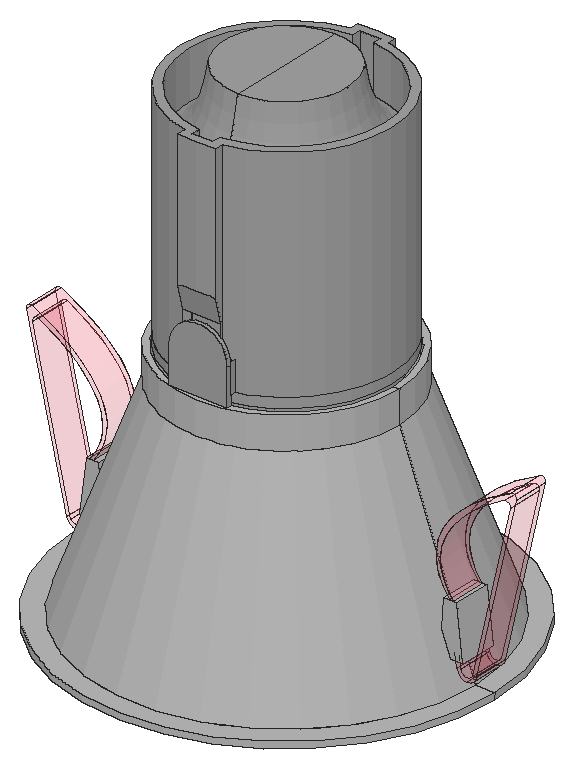
Revit family "LAMP_MOODY G2 800 (DALI) + ROUND FIXED REFLECTOR", category Luminarias, Revit 2015
Parameters (values of type "2700K FLOOD")
  Ángulo de inclinación = 90.00°
  White reflector model = White reflector code  # "MORFRD100FXW"
  White reflector finish = "Matt white"
  White reflector description = "MOODY REF RD FX Ø99 WH."
  White reflector datasheet = "http://www.lamp.es/product-files/TECH/MORFRD100FXW-EN.pdf"
  White reflector [instance] = no
  Wattage = 6.1 W
  UGR = "21"
  Type = "COB PHILIPS"
  White reflector code = "MORFRD100FXW"
  Total weight = 0.25 kg
  Total height = 115 mm
  Silver reflector model = Silver reflector code  # "MORFRD100FXM"
  Silver reflector finish = "Metalized matt silver"
  Silver reflector description = "MOODY REF RD FX Ø99 MET."
  Silver reflector datasheet = "http://www.lamp.es/product-files/TECH/MORFRD100FXM-EN.pdf"
  Silver reflector code = "MORFRD100FXM"
  Silver reflector [instance] = no
  Reflector diameter = 100 mm
  Reflector [instance] = and(not(White reflector), not(Copper reflector), not(Black reflector), not(Silver reflector))  # no
  Recessed diameter = 95 mm
  built-in parameter 1150110 = 1 (stored number, unit not read)
  Protection rating = "IP20"
  Product URL = "https://www.lamp.es/en/family/moody_33323"
  Power Supply = "220-240V 50/60Hz"
  Power = 5 W
  Plum = 6.1 W
  Model explanation = "Availability of switching reflector colour when placed in a project."
  Material Reflector Plata = LAMP_PC Reflector Moody GR
  Material Reflector Negro = LAMP_PC Reflector Moody NG
  Material Reflector Cobre = LAMP_PC Reflector Moody CO
  Material Muelle Emp. = LAMP_Acero genérico
  Material Reflector Blanco = LAMP_PC Reflector Moody BL
  Manufacturer name = "LAMP"
  Manufacturer country = "Spain"
  Manufacturer URL = "http://www.lamp.es/en"
  MacAdam = "3"
  Lámpara = "COB LED"
  Luminaire type = "Indoor - Recessed Downlight"
  Last update = "28/08/2019"
  LED Lifetime = "50.000 L90 B10"
  Insulation class = "II"
  Installation instructions = "https://www.lamp.es/product-files/INS/1004620-A-INSTR.%20MOODY%20G2.pdf"
  IEE = "A++"
  Gear = "Adjustable DALI"
  built-in parameter 1114217 = 1 (stored number, unit not read)
  built-in parameter 1150109 = 1 (stored number, unit not read)
  Fabricante = Manufacturer name  # "LAMP"
  Efficacy = 71.3 lm/W
  Descripción = "MOODY G2 800 VWW FL DALI BK."
  Core product code = "MO208FL927DB"
  Core diameter = 50 mm
  Core datasheet = "http://www.lamp.es/product-files/TECH/MO208FL927DB-EN.pdf"
  Core model = Core product code  # "MO208FL927DB"
  Copper reflector model = Copper reflector code  # "MORFRD100FXC"
  Copper reflector finish = "Metalized matt copper"
  Copper reflector description = "MOODY REF RD FX Ø99 CO."
  Copper reflector datasheet = "http://www.lamp.es/product-files/TECH/MORFRD100FXW-EN.pdf"
  Copper reflector code = "MORFRD100FXC"
  Copper reflector [instance] = yes
  Comentarios de tipo = Model explanation  # "Availability of switching reflector colour when placed in a project."
  built-in parameter 1150134 = (empty or 0)
  built-in parameter 1150113 = 1 (stored number, unit not read)
  Lumens = 434.93 lm
  built-in parameter 1150115 = 1 (stored number, unit not read)
  built-in parameter 1150105 = 34.611 (stored number, unit not read)
  built-in parameter 1150137 = (empty or 0)
  built-in parameter 1150139 = (empty or 0)
  built-in parameter 1150112 = 1 (stored number, unit not read)
  built-in parameter 1150114 = 1 (stored number, unit not read)
  built-in parameter 1150132 = 2
  built-in parameter 1150102 = (empty or 0)
  built-in parameter 1150138 = (empty or 0)
  built-in parameter 1150107 = 2700 (stored number, unit not read)
  built-in parameter 1150106 = 0.34611 (stored number, unit not read)
  built-in parameter 1150104 = 6.624 (stored number, unit not read)
  Dimming Lamp Color Temperature Shift = (empty or 0)
  Color Filter = 16777215
  built-in parameter 1114218 = 1 (stored number, unit not read)
  CRI = "90"
  Core description = "MOODY CORE 500 VWW MFL"
  Black reflector model = Black reflector code  # "MORFRD100FXB"
  Black reflector finish = "Matt black"
  Black reflector description = "MOODY REF RD FX Ø99 BK."
  Black reflector datasheet = "http://www.lamp.es/product-files/TECH/MORFRD100FXB-EN.pdf"
  Black reflector code = "MORFRD100FXB"
  Black reflector [instance] = no
  Archivo de red fotométrica = "MO208FL927TB+MORFRD100FXM.IES"
  Altura reflector = 56.5 mm
  built-in parameter 1150133 = 10 (stored number, unit not read)
Types (9, lengths in mm): name | Efficacy | Descripción | Core product code | Core datasheet | Core model | built-in parameter 1150107 | CRI
  2700K FLOOD | 71.3 lm/W | "MOODY G2 800 VWW FL DALI BK." | "MO208FL927DB" | "http://www.lamp.es/product-files/TECH/MO208FL927DB-EN.pdf" | "MO208FL927DB" | 2700 (stored number, unit not read) | "90"
  2700K SPOT | 71.3 lm/W | "MOODY G2 800 VWW SP DALI BK." | "MO208SP927DB" | "http://www.lamp.es/product-files/TECH/MO208SP927DB-EN.pdf" | "MO208SP927DB" | 2700 (stored number, unit not read) | "90"
  2700K WIDE FLOOD | 71.3 lm/W | "MOODY G2 800 VWW WFL DALI BK." | "MO208WF927DB" | "http://www.lamp.es/product-files/TECH/MO208WF927DB-EN.pdf" | "MO208WF927DB" | 2700 (stored number, unit not read) | "90"
  3000K FLOOD | 87.4 lm/W | "MOODY G2 800 WW FL DALI BK." | "MO208FL830DB" | "http://www.lamp.es/product-files/TECH/MO208FL830DB-EN.pdf" | "MO208FL830DB" | 3000 (stored number, unit not read) | "80"
  3000K SPOT | 87.4 lm/W | "MOODY G2 800 WW SP DALI BK." | "MO208SP830DB" | "http://www.lamp.es/product-files/TECH/MO208SP830DB-EN.pdf" | "MO208SP830DB" | 3000 (stored number, unit not read) | "80"
  3000K WIDE FLOOD | 87.4 lm/W | "MOODY G2 800 WW WFL DALI BK." | "MO208WF830DB" | "http://www.lamp.es/product-files/TECH/MO208WF830DB-EN.pdf" | "MO208WF830DB" | 3000 (stored number, unit not read) | "80"
  4000K FLOOD | 92.6 lm/W | "MOODY G2 800 NW FL DALI BK." | "MO208FL840DB" | "http://www.lamp.es/product-files/TECH/MO208FL840DB-EN.pdf" | "MO208FL840DB" | 4000 (stored number, unit not read) | "80"
  4000K SPOT | 92.6 lm/W | "MOODY G2 800 NW SP DALI BK." | "MO208SP840DB" | "http://www.lamp.es/product-files/TECH/MO208SP840DB-EN.pdf" | "MO208SP840DB" | 4000 (stored number, unit not read) | "80"
  4000K WIDE FLOOD | 92.6 lm/W | "MOODY G2 800 NW WFL DALI BK." | "MO208WF840DB" | "http://www.lamp.es/product-files/TECH/MO208WF840DB-EN.pdf" | "MO208WF840DB" | 4000 (stored number, unit not read) | "80"
Reference planes
  plane 1 "Eje de origen de luz (F/P)": y = 0
  plane 2: z = 0
  plane 3 "Eje de origen de luz (I/D)": x = 0
  plane 4 "Techo": z = 3738.5
  plane 5 "Elevación de origen de luz": z = 3738.5
Forms (mm)
  Revolve 1, solid, material "LAMP_PC Reflector Moody CO" <- "Material Reflector Cobre", visible <- "Copper reflector"
    sketch origin (0, 0, 0) x (1, 0, 0) y (0, 0, 1)
      loop
        line (-49.5, 3737) -> (-43.7, 3737) -> (-25.4, 3786.715) -> (-20.4, 3786.715) -> (-20.4, 3789.672) -> (-25.4, 3789.672) -> (-25.4, 3795) -> (-26.8, 3795) -> (-26.8, 3787.4) -> (-44.8, 3738.5) -> (-49.5, 3738.5) -> (-49.5, 3737)
      axis (0, 3737) -> (0, 3795)
    angle from 0 to 360
  Extrusion 2, solid, material "LAMP_PC Reflector Moody CO" <- "Material Reflector Cobre", visible <- "Copper reflector"
    sketch origin (0, 0, 0) x (1, 0, 0) y (0, 0, 1)
      loop
        line (-42.407, 3745) -> (-40.284, 3750.769) -> (-40.873, 3757.5) -> (-43.873, 3757.5) -> (-45.407, 3745) -> (-42.407, 3745)
    from 4.4 to -4.4
  Extrusion 3, solid, material "LAMP_PC Reflector Moody CO" <- "Material Reflector Cobre", visible <- "Copper reflector"
    sketch origin (0, 0, 0) x (-1, 0, 0) y (0, 0, -1)
      loop
        line (-42.407, -3745) -> (-45.407, -3745) -> (-43.873, -3757.5) -> (-40.873, -3757.5) -> (-40.284, -3750.769) -> (-42.407, -3745)
    from 4.4 to -4.4
  Extrusion 4, solid, material "LAMP_Acero genérico" <- "Material Muelle Emp."
    sketch origin (0, 0, 0) x (1, 0, 0) y (0, 0, 1)
      loop
        line (-43.449, 3746.955) -> (-44.442, 3747.077) -> (-44.86, 3743.673)
        arc (-44.86, 3743.673) -> (-46.011, 3742.395) -> (-47.607, 3743.039) r 1.5
        line (-47.607, 3743.039) -> (-56.587, 3781.935)
        arc (-56.587, 3781.935) -> (-56.25, 3782.912) -> (-55.225, 3783.038) r 0.975
        spline (-55.225, 3783.038) -> (-51.331, 3780.738) -> (-48.069, 3778.431) -> (-45.409, 3776.129) -> (-43.316, 3773.842) -> (-41.759, 3771.583) -> (-40.706, 3769.362) -> (-40.125, 3767.192) -> (-39.983, 3765.084) -> (-40.248, 3763.049) -> (-40.888, 3761.099) -> (-41.87, 3759.246) -> (-43.162, 3757.5)
        line (-43.162, 3757.5) -> (-42.155, 3757.5)
        spline (-42.155, 3757.5) -> (-40.805, 3759.492) -> (-39.803, 3761.59) -> (-39.185, 3763.778) -> (-38.986, 3766.043) -> (-39.241, 3768.371) -> (-39.985, 3770.746) -> (-41.254, 3773.156) -> (-43.082, 3775.585) -> (-45.504, 3778.019) -> (-48.557, 3780.445) -> (-52.274, 3782.848) -> (-56.692, 3785.214)
        arc (-56.692, 3785.214) -> (-57.717, 3785.088) -> (-58.053, 3784.112) r 0.975
        line (-58.053, 3784.112) -> (-48.597, 3743.153)
        arc (-48.597, 3743.153) -> (-47.735, 3741.824) -> (-46.22, 3741.36) r 2.317
        arc (-46.22, 3741.36) -> (-44.644, 3742.027) -> (-43.867, 3743.552) r 2.5
        line (-43.867, 3743.552) -> (-43.449, 3746.955)
    from 4.3 to -4.3
  Extrusion 5, solid, material "LAMP_Acero genérico" <- "Material Muelle Emp."
    sketch origin (0, 0, 0) x (-1, 0, 0) y (0, 0, -1)
      loop
        line (-43.449, -3746.955) -> (-43.867, -3743.552)
        arc (-43.867, -3743.552) -> (-44.644, -3742.027) -> (-46.22, -3741.36) r 2.5
        arc (-46.22, -3741.36) -> (-47.735, -3741.824) -> (-48.597, -3743.153) r 2.317
        line (-48.597, -3743.153) -> (-58.053, -3784.112)
        arc (-58.053, -3784.112) -> (-57.717, -3785.088) -> (-56.692, -3785.214) r 0.975
        spline (-56.692, -3785.214) -> (-52.274, -3782.848) -> (-48.557, -3780.445) -> (-45.504, -3778.019) -> (-43.082, -3775.585) -> (-41.254, -3773.156) -> (-39.985, -3770.746) -> (-39.241, -3768.371) -> (-38.986, -3766.043) -> (-39.185, -3763.778) -> (-39.803, -3761.59) -> (-40.805, -3759.492) -> (-42.155, -3757.5)
        line (-42.155, -3757.5) -> (-43.162, -3757.5)
        spline (-43.162, -3757.5) -> (-41.87, -3759.246) -> (-40.888, -3761.099) -> (-40.248, -3763.049) -> (-39.983, -3765.084) -> (-40.125, -3767.192) -> (-40.706, -3769.362) -> (-41.759, -3771.583) -> (-43.316, -3773.842) -> (-45.409, -3776.129) -> (-48.069, -3778.431) -> (-51.331, -3780.738) -> (-55.225, -3783.038)
        arc (-55.225, -3783.038) -> (-56.25, -3782.912) -> (-56.587, -3781.935) r 0.975
        line (-56.587, -3781.935) -> (-47.607, -3743.039)
        arc (-47.607, -3743.039) -> (-46.011, -3742.395) -> (-44.86, -3743.673) r 1.5
        line (-44.86, -3743.673) -> (-44.442, -3747.077) -> (-43.449, -3746.955)
    from 4.3 to -4.3
  Revolve 6, solid, material "LAMP_PC Reflector Moody BL" <- "Material Reflector Blanco", visible <- "White reflector"
    sketch origin (0, 0, 0) x (1, 0, 0) y (0, 0, 1)
      loop
        line (-49.5, 3737) -> (-43.7, 3737) -> (-25.4, 3786.715) -> (-20.4, 3786.715) -> (-20.4, 3789.672) -> (-25.4, 3789.672) -> (-25.4, 3795) -> (-26.8, 3795) -> (-26.8, 3787.4) -> (-44.8, 3738.5) -> (-49.5, 3738.5) -> (-49.5, 3737)
      axis (0, 3737) -> (0, 3795)
    angle from 0 to 360
  Extrusion 7, solid, material "LAMP_PC Reflector Moody BL" <- "Material Reflector Blanco", visible <- "White reflector"
    sketch origin (0, 0, 0) x (1, 0, 0) y (0, 0, 1)
      loop
        line (-42.407, 3745) -> (-40.284, 3750.769) -> (-40.873, 3757.5) -> (-43.873, 3757.5) -> (-45.407, 3745) -> (-42.407, 3745)
    from 4.4 to -4.4
  Extrusion 8, solid, material "LAMP_PC Reflector Moody BL" <- "Material Reflector Blanco", visible <- "White reflector"
    sketch origin (0, 0, 0) x (-1, 0, 0) y (0, 0, -1)
      loop
        line (-42.407, -3745) -> (-45.407, -3745) -> (-43.873, -3757.5) -> (-40.873, -3757.5) -> (-40.284, -3750.769) -> (-42.407, -3745)
    from 4.4 to -4.4
  Revolve 9, solid, material "LAMP_PC Reflector Moody NG" <- "Material Reflector Negro", visible <- "Black reflector"
    sketch origin (0, 0, 0) x (1, 0, 0) y (0, 0, 1)
      loop
        line (-49.5, 3737) -> (-43.7, 3737) -> (-25.4, 3786.715) -> (-20.4, 3786.715) -> (-20.4, 3789.672) -> (-25.4, 3789.672) -> (-25.4, 3795) -> (-26.8, 3795) -> (-26.8, 3787.4) -> (-44.8, 3738.5) -> (-49.5, 3738.5) -> (-49.5, 3737)
      axis (0, 3737) -> (0, 3795)
    angle from 0 to 360
  Extrusion 10, solid, material "LAMP_PC Reflector Moody NG" <- "Material Reflector Negro", visible <- "Black reflector"
    sketch origin (0, 0, 0) x (1, 0, 0) y (0, 0, 1)
      loop
        line (-42.407, 3745) -> (-40.284, 3750.769) -> (-40.873, 3757.5) -> (-43.873, 3757.5) -> (-45.407, 3745) -> (-42.407, 3745)
    from 4.4 to -4.4
  Extrusion 11, solid, material "LAMP_PC Reflector Moody NG" <- "Material Reflector Negro", visible <- "Black reflector"
    sketch origin (0, 0, 0) x (-1, 0, 0) y (0, 0, -1)
      loop
        line (-42.407, -3745) -> (-45.407, -3745) -> (-43.873, -3757.5) -> (-40.873, -3757.5) -> (-40.284, -3750.769) -> (-42.407, -3745)
    from 4.4 to -4.4
  Revolve 12, solid, material "LAMP_PC Reflector Moody GR" <- "Material Reflector Plata", visible <- "Silver reflector"
    sketch origin (0, 0, 0) x (1, 0, 0) y (0, 0, 1)
      loop
        line (-49.5, 3737) -> (-43.7, 3737) -> (-25.4, 3786.715) -> (-20.4, 3786.715) -> (-20.4, 3789.672) -> (-25.4, 3789.672) -> (-25.4, 3795) -> (-26.8, 3795) -> (-26.8, 3787.4) -> (-44.8, 3738.5) -> (-49.5, 3738.5) -> (-49.5, 3737)
      axis (0, 3737) -> (0, 3795)
    angle from 0 to 360
  Extrusion 13, solid, material "LAMP_PC Reflector Moody GR" <- "Material Reflector Plata", visible <- "Silver reflector"
    sketch origin (0, 0, 0) x (1, 0, 0) y (0, 0, 1)
      loop
        line (-42.407, 3745) -> (-40.284, 3750.769) -> (-40.873, 3757.5) -> (-43.873, 3757.5) -> (-45.407, 3745) -> (-42.407, 3745)
    from 4.4 to -4.4
  Extrusion 14, solid, material "LAMP_PC Reflector Moody GR" <- "Material Reflector Plata", visible <- "Silver reflector"
    sketch origin (0, 0, 0) x (-1, 0, 0) y (0, 0, -1)
      loop
        line (-42.407, -3745) -> (-45.407, -3745) -> (-43.873, -3757.5) -> (-40.873, -3757.5) -> (-40.284, -3750.769) -> (-42.407, -3745)
    from 4.4 to -4.4
  Revolve 15, solid, material "LAMP_PC Reflector Moody CO" <- "Material Reflector Cobre", visible <- "Reflector"
    sketch origin (0, 0, 0) x (1, 0, 0) y (0, 0, 1)
      loop
        line (-49.5, 3737) -> (-43.7, 3737) -> (-25.4, 3786.715) -> (-20.4, 3786.715) -> (-20.4, 3789.672) -> (-25.4, 3789.672) -> (-25.4, 3795) -> (-26.8, 3795) -> (-26.8, 3787.4) -> (-44.8, 3738.5) -> (-49.5, 3738.5) -> (-49.5, 3737)
      axis (0, 3737) -> (0, 3795)
    angle from 0 to 360
  Extrusion 16, solid, material "LAMP_PC Reflector Moody CO" <- "Material Reflector Cobre", visible <- "Reflector"
    sketch origin (0, 0, 0) x (1, 0, 0) y (0, 0, 1)
      loop
        line (-42.407, 3745) -> (-40.284, 3750.769) -> (-40.873, 3757.5) -> (-43.873, 3757.5) -> (-45.407, 3745) -> (-42.407, 3745)
    from 4.4 to -4.4
  Extrusion 17, solid, material "LAMP_PC Reflector Moody CO" <- "Material Reflector Cobre", visible <- "Reflector"
    sketch origin (0, 0, 0) x (-1, 0, 0) y (0, 0, -1)
      loop
        line (-42.407, -3745) -> (-45.407, -3745) -> (-43.873, -3757.5) -> (-40.873, -3757.5) -> (-40.284, -3750.769) -> (-42.407, -3745)
    from 4.4 to -4.4
Text (mm)
  text "Any modification of the parameters and properties of the LAMP BIM models must be executed and validated by the LAMP technical department.\n\nPhone: +34 93 736 68 00\n\nE-mail: lamp@lamp.es\n\n\n\nLAMP reserves the right to modify the technical specifications of its products." at (-1237.633, 1699.993, 3254.939), in view "Preview"
Dimensions and locks
  equal spacing: host sketch curve, plane 3 "Eje de origen de luz (I/D)", host sketch curve
  equal spacing: host sketch curve, plane 1 "Eje de origen de luz (F/P)", host sketch curve
  host sketch curve to host sketch curve = 4000 mm  (x2)
  locked: plane 4 "Techo" to host ceiling at 0
  "Altura reflector": plane 4 "Techo" to Revolve 1
  aligned and locked: plane 3 "Eje de origen de luz (I/D)" to imposter light
  aligned and locked: plane 1 "Eje de origen de luz (F/P)" to imposter light
  aligned and locked: plane 5 "Elevación de origen de luz" to imposter light
  aligned and locked: plane 4 "Techo" to plane 5 "Elevación de origen de luz"
Automatic sketch dimensions
  Revolve 1 sketch curve to plane 4 "Techo" = 0 mm
  Revolve 1 sketch curve to plane 3 "Eje de origen de luz (I/D)" = 0 mm
  Revolve 1 sketch curve to plane 3 "Eje de origen de luz (I/D)" = 20.4 mm
  Revolve 1 sketch curve to Revolve 1 sketch curve = 5 mm
  Revolve 1 sketch curve to Revolve 1 sketch curve = 0 mm
  Revolve 1 sketch curve to Revolve 1 sketch curve = 1.4 mm
  plane 4 "Techo" to Revolve 1 sketch curve = 1.5 mm
  Revolve 1 sketch curve to plane 3 "Eje de origen de luz (I/D)" = 43.7 mm
  Revolve 1 sketch curve to Revolve 1 sketch curve = 1.1 mm
  Revolve 1 sketch curve to Revolve 1 sketch curve = 4.7 mm
  Revolve 1 sketch curve to plane 4 "Techo" = 48.215 mm
  Revolve 1 sketch curve to Revolve 1 sketch curve = 0.685 mm
  Revolve 1 sketch curve to Revolve 1 sketch curve = 2.957 mm
  Revolve 1 sketch curve to Revolve 1 sketch curve = 5.328 mm
  Revolve 1 sketch curve to level = 358.228 mm
  Revolve 1 sketch curve to Revolve 1 sketch curve = 305.685 mm
  Extrusion 2 sketch curve to plane 4 "Techo" = 6.5 mm
  Extrusion 2 sketch curve to plane 3 "Eje de origen de luz (I/D)" = 45.407 mm
  Extrusion 2 sketch curve to Extrusion 2 sketch curve = 1.535 mm
  Extrusion 2 sketch curve to Extrusion 2 sketch curve = 3 mm  (x2)
  Extrusion 2 sketch curve to plane 4 "Techo" = 19 mm
  Extrusion 2 sketch curve to plane 4 "Techo" = 12.269 mm
  Extrusion 2 sketch curve to Extrusion 2 sketch curve = 2.124 mm
  plane 4 "Techo" to Extrusion 3 sketch curve = 6.5 mm
  Extrusion 3 sketch curve to plane 3 "Eje de origen de luz (I/D)" = 45.407 mm
  Extrusion 3 sketch curve to Extrusion 3 sketch curve = 1.535 mm
  Extrusion 3 sketch curve to Extrusion 3 sketch curve = 3 mm  (x2)
  plane 4 "Techo" to Extrusion 3 sketch curve = 19 mm
  plane 4 "Techo" to Extrusion 3 sketch curve = 12.269 mm
  Extrusion 3 sketch curve to Extrusion 3 sketch curve = 2.124 mm
  Extrusion 4 sketch curve to Extrusion 4 sketch curve = 0 mm  (x2)
  Extrusion 4 sketch curve to plane 3 "Eje de origen de luz (I/D)" = 58.053 mm
  Extrusion 4 sketch curve to Extrusion 4 sketch curve = 0.95 mm  (x2)
  Extrusion 4 sketch curve to Extrusion 4 sketch curve = 0.412 mm  (x2)
  Extrusion 4 sketch curve to Extrusion 4 sketch curve = 0.517 mm
  Extrusion 4 sketch curve to plane 4 "Techo" = 4.653 mm
  Extrusion 4 sketch curve to Extrusion 4 sketch curve = 7.989 mm
  Extrusion 4 sketch curve to plane 4 "Techo" = 4.539 mm
  Extrusion 4 sketch curve to Extrusion 4 sketch curve = 0.991 mm
  Extrusion 4 sketch curve to Extrusion 4 sketch curve = 1.258 mm
  Extrusion 4 sketch curve to Extrusion 4 sketch curve = 0.009 mm
  Extrusion 4 sketch curve to plane 4 "Techo" = 5.173 mm
  Extrusion 4 sketch curve to Extrusion 4 sketch curve = 1.479 mm
  Extrusion 4 sketch curve to plane 4 "Techo" = 8.577 mm
  Extrusion 4 sketch curve to Extrusion 4 sketch curve = 0.418 mm
  Extrusion 4 sketch curve to plane 4 "Techo" = 5.052 mm
  Extrusion 4 sketch curve to Extrusion 4 sketch curve = 0.993 mm
  Extrusion 4 sketch curve to Extrusion 4 sketch curve = 1.28 mm
  Extrusion 4 sketch curve to Extrusion 4 sketch curve = 1.008 mm
  Extrusion 4 sketch curve to Extrusion 4 sketch curve = 0.182 mm
  Extrusion 4 sketch curve to Extrusion 4 sketch curve = 10.423 mm
  Extrusion 4 sketch curve to Extrusion 4 sketch curve = 24.435 mm
  Extrusion 4 sketch curve to Extrusion 4 sketch curve = 0.219 mm  (x2)
  Extrusion 4 sketch curve to Extrusion 4 sketch curve = 2.176 mm
  Extrusion 5 sketch curve to Extrusion 5 sketch curve = 0 mm  (x2)
  Extrusion 5 sketch curve to plane 3 "Eje de origen de luz (I/D)" = 58.053 mm
  Extrusion 5 sketch curve to Extrusion 5 sketch curve = 0.95 mm  (x2)
  Extrusion 5 sketch curve to Extrusion 5 sketch curve = 0.412 mm  (x2)
  Extrusion 5 sketch curve to Extrusion 5 sketch curve = 0.517 mm
  plane 4 "Techo" to Extrusion 5 sketch curve = 4.653 mm
  Extrusion 5 sketch curve to Extrusion 5 sketch curve = 7.989 mm
  plane 4 "Techo" to Extrusion 5 sketch curve = 4.539 mm
  Extrusion 5 sketch curve to Extrusion 5 sketch curve = 0.991 mm
  Extrusion 5 sketch curve to Extrusion 5 sketch curve = 1.258 mm
  Extrusion 5 sketch curve to Extrusion 5 sketch curve = 0.009 mm
  plane 4 "Techo" to Extrusion 5 sketch curve = 5.173 mm
  Extrusion 5 sketch curve to Extrusion 5 sketch curve = 1.479 mm
  plane 4 "Techo" to Extrusion 5 sketch curve = 8.577 mm
  Extrusion 5 sketch curve to Extrusion 5 sketch curve = 0.418 mm
  plane 4 "Techo" to Extrusion 5 sketch curve = 5.052 mm
  Extrusion 5 sketch curve to Extrusion 5 sketch curve = 0.993 mm
  Extrusion 5 sketch curve to Extrusion 5 sketch curve = 1.28 mm
  Extrusion 5 sketch curve to Extrusion 5 sketch curve = 1.008 mm
  Extrusion 5 sketch curve to Extrusion 5 sketch curve = 0.182 mm
  Extrusion 5 sketch curve to Extrusion 5 sketch curve = 10.423 mm
  Extrusion 5 sketch curve to Extrusion 5 sketch curve = 24.435 mm
  Extrusion 5 sketch curve to Extrusion 5 sketch curve = 0.219 mm  (x2)
  Extrusion 5 sketch curve to Extrusion 5 sketch curve = 2.176 mm
  Revolve 6 sketch curve to plane 4 "Techo" = 0 mm
  Revolve 6 sketch curve to plane 3 "Eje de origen de luz (I/D)" = 49.5 mm
  Revolve 6 sketch curve to Revolve 6 sketch curve = 4.7 mm
  Revolve 6 sketch curve to Revolve 6 sketch curve = 1.1 mm
  Revolve 6 sketch curve to Revolve 6 sketch curve = 18 mm
  Revolve 6 sketch curve to Revolve 6 sketch curve = 1.4 mm  (x2)
  Revolve 6 sketch curve to plane 4 "Techo" = 48.215 mm
  Revolve 6 sketch curve to Revolve 6 sketch curve = 5 mm
  plane 4 "Techo" to Revolve 6 sketch curve = 1.5 mm
  Revolve 6 sketch curve to Revolve 6 sketch curve = 0.685 mm
  Revolve 6 sketch curve to Revolve 6 sketch curve = 2.957 mm
  Revolve 6 sketch curve to Revolve 6 sketch curve = 5.328 mm
  plane 3 "Eje de origen de luz (I/D)" to Revolve 6 sketch curve = 0 mm
  Revolve 6 sketch curve to level = 358.228 mm
  Revolve 6 sketch curve to Revolve 6 sketch curve = 305.685 mm
  Extrusion 7 sketch curve to plane 4 "Techo" = 6.5 mm
  Extrusion 7 sketch curve to plane 3 "Eje de origen de luz (I/D)" = 45.407 mm
  Extrusion 7 sketch curve to Extrusion 7 sketch curve = 1.535 mm
  Extrusion 7 sketch curve to Extrusion 7 sketch curve = 3 mm  (x2)
  Extrusion 7 sketch curve to plane 4 "Techo" = 19 mm
  Extrusion 7 sketch curve to plane 4 "Techo" = 12.269 mm
  Extrusion 7 sketch curve to Extrusion 7 sketch curve = 2.124 mm
  plane 4 "Techo" to Extrusion 8 sketch curve = 6.5 mm
  Extrusion 8 sketch curve to plane 3 "Eje de origen de luz (I/D)" = 45.407 mm
  Extrusion 8 sketch curve to Extrusion 8 sketch curve = 1.535 mm
  Extrusion 8 sketch curve to Extrusion 8 sketch curve = 3 mm  (x2)
  plane 4 "Techo" to Extrusion 8 sketch curve = 19 mm
  plane 4 "Techo" to Extrusion 8 sketch curve = 12.269 mm
  Extrusion 8 sketch curve to Extrusion 8 sketch curve = 2.124 mm
  Revolve 9 sketch curve to plane 4 "Techo" = 0 mm
  Revolve 9 sketch curve to plane 3 "Eje de origen de luz (I/D)" = 49.5 mm
  Revolve 9 sketch curve to Revolve 9 sketch curve = 4.7 mm
  Revolve 9 sketch curve to Revolve 9 sketch curve = 1.1 mm
  Revolve 9 sketch curve to Revolve 9 sketch curve = 18 mm
  Revolve 9 sketch curve to Revolve 9 sketch curve = 1.4 mm  (x2)
  Revolve 9 sketch curve to plane 4 "Techo" = 48.215 mm
  Revolve 9 sketch curve to Revolve 9 sketch curve = 5 mm
  plane 4 "Techo" to Revolve 9 sketch curve = 1.5 mm
  Revolve 9 sketch curve to Revolve 9 sketch curve = 0.685 mm
  Revolve 9 sketch curve to Revolve 9 sketch curve = 2.957 mm
  Revolve 9 sketch curve to Revolve 9 sketch curve = 5.328 mm
  plane 3 "Eje de origen de luz (I/D)" to Revolve 9 sketch curve = 0 mm
  Revolve 9 sketch curve to level = 358.228 mm
  Revolve 9 sketch curve to Revolve 9 sketch curve = 305.685 mm
  Extrusion 10 sketch curve to plane 4 "Techo" = 6.5 mm
  Extrusion 10 sketch curve to plane 3 "Eje de origen de luz (I/D)" = 45.407 mm
  Extrusion 10 sketch curve to Extrusion 10 sketch curve = 1.535 mm
  Extrusion 10 sketch curve to Extrusion 10 sketch curve = 3 mm  (x2)
  Extrusion 10 sketch curve to plane 4 "Techo" = 19 mm
  Extrusion 10 sketch curve to plane 4 "Techo" = 12.269 mm
  Extrusion 10 sketch curve to Extrusion 10 sketch curve = 2.124 mm
  plane 4 "Techo" to Extrusion 11 sketch curve = 6.5 mm
  Extrusion 11 sketch curve to plane 3 "Eje de origen de luz (I/D)" = 45.407 mm
  Extrusion 11 sketch curve to Extrusion 11 sketch curve = 1.535 mm
  Extrusion 11 sketch curve to Extrusion 11 sketch curve = 3 mm  (x2)
  plane 4 "Techo" to Extrusion 11 sketch curve = 19 mm
  plane 4 "Techo" to Extrusion 11 sketch curve = 12.269 mm
  Extrusion 11 sketch curve to Extrusion 11 sketch curve = 2.124 mm
  Revolve 12 sketch curve to plane 4 "Techo" = 0 mm
  Revolve 12 sketch curve to plane 3 "Eje de origen de luz (I/D)" = 49.5 mm
  Revolve 12 sketch curve to Revolve 12 sketch curve = 4.7 mm
  Revolve 12 sketch curve to Revolve 12 sketch curve = 1.1 mm
  Revolve 12 sketch curve to Revolve 12 sketch curve = 18 mm
  Revolve 12 sketch curve to Revolve 12 sketch curve = 1.4 mm  (x2)
  Revolve 12 sketch curve to plane 4 "Techo" = 48.215 mm
  Revolve 12 sketch curve to Revolve 12 sketch curve = 5 mm
  plane 4 "Techo" to Revolve 12 sketch curve = 1.5 mm
  Revolve 12 sketch curve to Revolve 12 sketch curve = 0.685 mm
  Revolve 12 sketch curve to Revolve 12 sketch curve = 2.957 mm
  Revolve 12 sketch curve to Revolve 12 sketch curve = 5.328 mm
  plane 3 "Eje de origen de luz (I/D)" to Revolve 12 sketch curve = 0 mm
  Revolve 12 sketch curve to level = 358.228 mm
  Revolve 12 sketch curve to Revolve 12 sketch curve = 305.685 mm
  Extrusion 13 sketch curve to plane 4 "Techo" = 6.5 mm
  Extrusion 13 sketch curve to plane 3 "Eje de origen de luz (I/D)" = 45.407 mm
  Extrusion 13 sketch curve to Extrusion 13 sketch curve = 1.535 mm
  Extrusion 13 sketch curve to Extrusion 13 sketch curve = 3 mm  (x2)
  Extrusion 13 sketch curve to plane 4 "Techo" = 19 mm
  Extrusion 13 sketch curve to plane 4 "Techo" = 12.269 mm
  Extrusion 13 sketch curve to Extrusion 13 sketch curve = 2.124 mm
  plane 4 "Techo" to Extrusion 14 sketch curve = 6.5 mm
  Extrusion 14 sketch curve to plane 3 "Eje de origen de luz (I/D)" = 45.407 mm
  Extrusion 14 sketch curve to Extrusion 14 sketch curve = 1.535 mm
  Extrusion 14 sketch curve to Extrusion 14 sketch curve = 3 mm  (x2)
  plane 4 "Techo" to Extrusion 14 sketch curve = 19 mm
  plane 4 "Techo" to Extrusion 14 sketch curve = 12.269 mm
  Extrusion 14 sketch curve to Extrusion 14 sketch curve = 2.124 mm
  Revolve 15 sketch curve to plane 4 "Techo" = 0 mm
  Revolve 15 sketch curve to plane 3 "Eje de origen de luz (I/D)" = 49.5 mm
  Revolve 15 sketch curve to Revolve 15 sketch curve = 4.7 mm
  Revolve 15 sketch curve to Revolve 15 sketch curve = 1.1 mm
  Revolve 15 sketch curve to Revolve 15 sketch curve = 18 mm
  Revolve 15 sketch curve to Revolve 15 sketch curve = 1.4 mm  (x2)
  Revolve 15 sketch curve to plane 4 "Techo" = 48.215 mm
  Revolve 15 sketch curve to Revolve 15 sketch curve = 5 mm
  plane 4 "Techo" to Revolve 15 sketch curve = 1.5 mm
  Revolve 15 sketch curve to Revolve 15 sketch curve = 0.685 mm
  Revolve 15 sketch curve to Revolve 15 sketch curve = 2.957 mm
  Revolve 15 sketch curve to Revolve 15 sketch curve = 5.328 mm
  plane 3 "Eje de origen de luz (I/D)" to Revolve 15 sketch curve = 0 mm
  Revolve 15 sketch curve to level = 358.228 mm
  Revolve 15 sketch curve to Revolve 15 sketch curve = 305.685 mm
  Extrusion 16 sketch curve to plane 4 "Techo" = 6.5 mm
  Extrusion 16 sketch curve to plane 3 "Eje de origen de luz (I/D)" = 45.407 mm
  Extrusion 16 sketch curve to Extrusion 16 sketch curve = 1.535 mm
  Extrusion 16 sketch curve to Extrusion 16 sketch curve = 3 mm  (x2)
  Extrusion 16 sketch curve to plane 4 "Techo" = 19 mm
  Extrusion 16 sketch curve to plane 4 "Techo" = 12.269 mm
  Extrusion 16 sketch curve to Extrusion 16 sketch curve = 2.124 mm
  plane 4 "Techo" to Extrusion 17 sketch curve = 6.5 mm
  Extrusion 17 sketch curve to plane 3 "Eje de origen de luz (I/D)" = 45.407 mm
  Extrusion 17 sketch curve to Extrusion 17 sketch curve = 1.535 mm
  Extrusion 17 sketch curve to Extrusion 17 sketch curve = 3 mm  (x2)
  plane 4 "Techo" to Extrusion 17 sketch curve = 19 mm
  plane 4 "Techo" to Extrusion 17 sketch curve = 12.269 mm
  Extrusion 17 sketch curve to Extrusion 17 sketch curve = 2.124 mm
Nested families
  nested 1: "LAMP_MOODY CORE 500" at (0, 0, 3789.672) x (0, 1, 0) z (0, 0, 1), type "LAMP_MOODY CORE 500"
Connectors
  electrical at (0, 0, 3738.5)
    settings: on imposter light, index 1, voltage 230 V, apparent load 0 VA, apparent load phase1 0 VA, apparent load phase2 0 VA, apparent load phase3 0 VA, power factor 1, load classification "Otro", number of poles 1, system type 31, power factor state 1, is connector primary yes, connector utility no, sub classification motor no, connector description ""
Definition of nested family "LAMP_MOODY CORE 500"
  Parameters (values of type "LAMP_MOODY CORE 500")
    Weight = 0.214 kg
    Protection rating = "IP20"
    Product name = "MOODY CORE 500"
    Product URL = "http://www.lamp.es/en/family/moody_33323"
    Material Reflector = none
    Material Cuerpo = none
    Material COB = none
    Manufacturer name = "LAMP"
    Manufacturer country = "Spain"
    Manufacturer URL = "http://www.lamp.es/en"
    Luminaire type = "Indoor - Recessed Downlight"
    Last update = "08/05/2018"
    Installation instructions = ""
    Height = 65 mm
    Finish = "Cataphorese"
    Manufacturer = Manufacturer name  # "LAMP"
    Default Elevation = 1219.2 mm
    Diameter = 50 mm
    Description = Product name  # "MOODY CORE 500"
    Type Comments = "For product codes and features, see corresponding files LAMP_CORE + REFLECTOR"
    Altura interior = 49 mm
  Reference planes
    plane 1 "Centro (Frontal/Posterior)": y = 0
    plane 2: z = 0
    plane 3 "Centro (Izquierda/Derecha)": x = 0
    plane 4: z = 49
  Forms (mm)
    Extrusion 1, solid
      sketch origin (0, 0, 0) x (1, 0, 0) y (0, 1, 0)
        loop
          line (-1219.2, 1219.2) -> (-1219.2, -1219.2) -> (1219.2, -1219.2) -> (1219.2, 1219.2) -> (-1219.2, 1219.2)
      from 0 to -304.8
    Extrusion 2, solid, material <- "Material Cuerpo"
      sketch origin (0, 0, 8.2) x (1, 0, 0) y (0, 1, 0)
        loop
          arc (-26.622, 4.5) -> (-27, 0) -> (-26.622, -4.5) r 27
          line (-26.622, -4.5) -> (-24.592, -4.5)
          arc (-24.592, -4.5) -> (0, -25) -> (24.592, -4.5) r 25
          line (24.592, -4.5) -> (26.622, -4.5)
          arc (26.622, -4.5) -> (27, 0) -> (26.622, 4.5) r 27
          line (26.622, 4.5) -> (24.592, 4.5)
          arc (24.592, 4.5) -> (0, 25) -> (-24.592, 4.5) r 25
          line (-24.592, 4.5) -> (-26.622, 4.5)
        loop
          line (-24.875, -2.5) -> (-22.864, -2.5)
          arc (-22.864, -2.5) -> (0, -23) -> (22.864, -2.5) r 23
          line (22.864, -2.5) -> (24.875, -2.5)
          arc (24.875, -2.5) -> (25, 0) -> (24.875, 2.5) r 25
          line (24.875, 2.5) -> (22.864, 2.5)
          arc (22.864, 2.5) -> (0, 23) -> (-22.864, 2.5) r 23
          line (-22.864, 2.5) -> (-24.875, 2.5)
          arc (-24.875, 2.5) -> (-25, 0) -> (-24.875, -2.5) r 25
      from 0 to 52
    Revolve 3, solid, material <- "Material Cuerpo"
      sketch origin (0, 0, 8.2) x (1, 0, 0) y (0, 0, 1)
        loop
          spline (-14.467, 56.8) -> (-14.836, 54.556) -> (-15.268, 52.477) -> (-15.761, 50.564) -> (-16.317, 48.817) -> (-16.935, 47.235) -> (-17.615, 45.819) -> (-18.357, 44.568) -> (-19.161, 43.483) -> (-20.028, 42.564) -> (-20.956, 41.81) -> (-21.947, 41.222) -> (-23, 40.8)
          line (-23, 40.8) -> (0, 40.8) -> (0, 56.8) -> (-14.467, 56.8)
        axis (0, 56.8) -> (0, 40.8)
      angle from 0 to 360
    Extrusion 4, void
      sketch origin (0, 0, 8.2) x (0, 1, 0) y (0, 0, 1)
        loop
          line (-7, 0) -> (7, 0) -> (7, 6.5) -> (-7, 6.5) -> (-7, 0)
      from -28 to 28
    Extrusion 5, void
      sketch origin (0, 0, 8.2) x (1, 0, 0) y (0, 0, 1)
        loop
          line (25.068, 6.5) -> (27.791, 6.5) -> (27.791, 20.707) -> (26.791, 20.707) -> (25.068, 14.278) -> (25.068, 6.5)
      from -7 to 7
    Extrusion 6, void
      sketch origin (0, 0, 8.2) x (-1, 0, 0) y (0, 0, -1)
        loop
          line (25.068, -6.3) -> (25.068, -14.078) -> (26.791, -20.507) -> (27.791, -20.507) -> (27.791, -6.3) -> (25.068, -6.3)
      from -7 to 7
    Revolve 7, solid, material <- "Material Cuerpo"
      sketch origin (0, 0, 0) x (1, 0, 0) y (0, 0, 1)
        loop
          line (24.8, 0) -> (24.8, 2.2) -> (22.75, 2.2) -> (22.75, 5.8) -> (25, 5.8) -> (25, 8.2) -> (21.4, 8.2) -> (21.4, 7) -> (20.45, 7) -> (20.45, 0) -> (24.8, 0)
        axis (0, 8.2) -> (0, 0)
      angle from 0 to 360
    Extrusion 8, solid, material <- "Material Cuerpo"
      sketch origin (0, 0, 11.6) x (1, 0, 0) y (0, 1, 0)
        loop
          line (-25.068, 4.5) -> (-22.555, 4.5)
          arc (-22.555, 4.5) -> (0, 23) -> (22.555, 4.5) r 23
          line (22.555, 4.5) -> (25.068, 4.5) -> (25.068, 6.9) -> (22.778, 6.9)
          arc (22.778, 6.9) -> (0, 23.8) -> (-22.778, 6.9) r 23.8
          line (-22.778, 6.9) -> (-25.068, 6.9) -> (-25.068, 4.5)
        loop
          line (-25.068, -4.5) -> (-25.068, -6.9) -> (-22.778, -6.9)
          arc (-22.778, -6.9) -> (0, -23.8) -> (22.778, -6.9) r 23.8
          line (22.778, -6.9) -> (25.068, -6.9) -> (25.068, -4.5) -> (22.555, -4.5)
          arc (22.555, -4.5) -> (0, -23) -> (-22.555, -4.5) r 23
          line (-22.555, -4.5) -> (-25.068, -4.5)
      from -3.4 to 3.4
    Extrusion 9, solid, material <- "Material Cuerpo"
      sketch origin (0, 0, 0) x (0, 1, 0) y (0, 0, -1)
        loop
          arc (-6.769, -14.306) -> (0.131, -21.206) -> (7.031, -14.306) r 6.9
          line (7.031, -14.306) -> (7.031, -5.8) -> (-6.769, -5.8) -> (-6.769, -14.306)
      from 26 to 25.068
    Extrusion 10, solid, material <- "Material Cuerpo"
      sketch origin (0, 0, 0) x (0, 1, 0) y (0, 0, 1)
        loop
          line (-6.769, 14.306) -> (-6.769, 5.8) -> (7.031, 5.8) -> (7.031, 14.306)
          arc (7.031, 14.306) -> (0.131, 21.206) -> (-6.769, 14.306) r 6.9
      from 26 to 25.068
    Revolve 11, solid, material <- "Material Reflector"
      sketch origin (0, 0, -1660) x (1, 0, 0) y (0, 0, 1)
        loop
          line (21.4, 1667) -> (14.233, 1685.672) -> (13.283, 1685.672) -> (20.45, 1667) -> (21.4, 1667)
        axis (0, 1685.672) -> (0, 1667)
      angle from 0 to 360
    Revolve 12, solid, material <- "Material COB"
      sketch origin (0, 0, -2160) x (1, 0, 0) y (0, 0, 1)
        loop
          line (0, 2185.672) -> (14.233, 2185.672) -> (14.233, 2186.672) -> (0, 2186.672) -> (0, 2185.672)
        axis (0, 2186.672) -> (0, 2185.672)
      angle from 0 to 360
  Cuts and joins
    Extrusion 4, Extrusion 5, Extrusion 6 cuts Extrusion 2
  Dimensions and locks
    "Altura interior": plane 4 to Extrusion 1
    locked: cut or joined group of Extrusion 2, Extrusion 4, Extrusion 5, Extrusion 6 to plane 4 at 11.2
    aligned and locked: plane 2 to Extrusion 1
    aligned and locked: level to Extrusion 1
    aligned and locked: Revolve 3 to plane 4
    aligned and locked: Extrusion 8 to Revolve 7
    aligned and locked: Revolve 12 to Revolve 11
  Automatic sketch dimensions
    Extrusion 1 sketch curve to Extrusion 1 sketch curve = 2438.4 mm  (x2)
    Extrusion 2 sketch curve to Extrusion 2 sketch curve = 0 mm  (x57)
    plane 1 "Centro (Frontal/Posterior)" to Extrusion 2 sketch curve = 0 mm
    Extrusion 2 sketch curve to plane 3 "Centro (Izquierda/Derecha)" = 0 mm
    Extrusion 2 sketch curve to plane 1 "Centro (Frontal/Posterior)" = 2.5 mm  (x2)
    Extrusion 2 sketch curve to plane 3 "Centro (Izquierda/Derecha)" = 22.864 mm
    Extrusion 2 sketch curve to Extrusion 2 sketch curve = 1.728 mm  (x4)
    Extrusion 2 sketch curve to Extrusion 2 sketch curve = 2.011 mm  (x3)
    Extrusion 2 sketch curve to Extrusion 2 sketch curve = 2.031 mm  (x3)
    plane 1 "Centro (Frontal/Posterior)" to Extrusion 2 sketch curve = 2.5 mm
    Extrusion 2 sketch curve to Extrusion 2 sketch curve = 2 mm
    Revolve 3 sketch curve to plane 4 = 0 mm
    Revolve 3 sketch curve to plane 3 "Centro (Izquierda/Derecha)" = 0 mm  (x2)
    Revolve 3 sketch curve to plane 3 "Centro (Izquierda/Derecha)" = 14.467 mm
    Revolve 3 sketch curve to Revolve 3 sketch curve = 8.533 mm
    plane 4 to Revolve 3 sketch curve = 16 mm
    Revolve 3 sketch curve to level = 601.4 mm
    Revolve 3 sketch curve to Revolve 3 sketch curve = 2552.058 mm
    plane 1 "Centro (Frontal/Posterior)" to Extrusion 4 sketch curve = 7 mm
    Extrusion 4 sketch curve to plane 1 "Centro (Frontal/Posterior)" = 7 mm
    level to Extrusion 4 sketch curve = 8.2 mm
    Extrusion 4 sketch curve to Extrusion 4 sketch curve = 6.5 mm
    plane 3 "Centro (Izquierda/Derecha)" to Extrusion 5 sketch curve = 25.068 mm
    Extrusion 5 sketch curve to Extrusion 5 sketch curve = 1.723 mm
    Extrusion 5 sketch curve to Extrusion 5 sketch curve = 2.723 mm
    level to Extrusion 5 sketch curve = 14.7 mm
    Extrusion 5 sketch curve to Extrusion 5 sketch curve = 7.778 mm
    Extrusion 5 sketch curve to Extrusion 5 sketch curve = 6.429 mm
    Extrusion 6 sketch curve to plane 3 "Centro (Izquierda/Derecha)" = 25.068 mm
    Extrusion 6 sketch curve to Extrusion 6 sketch curve = 1.723 mm
    Extrusion 6 sketch curve to Extrusion 6 sketch curve = 2.723 mm
    Extrusion 6 sketch curve to plane 4 = 20.293 mm
    Extrusion 6 sketch curve to Extrusion 6 sketch curve = 6.429 mm
    Extrusion 6 sketch curve to Extrusion 6 sketch curve = 7.778 mm
    Revolve 7 sketch curve to plane 3 "Centro (Izquierda/Derecha)" = 0 mm
    Revolve 7 sketch curve to level = 0 mm
    plane 3 "Centro (Izquierda/Derecha)" to Revolve 7 sketch curve = 20.45 mm
    Revolve 7 sketch curve to Revolve 7 sketch curve = 0.95 mm
    Revolve 7 sketch curve to Revolve 7 sketch curve = 1.35 mm
    Revolve 7 sketch curve to Revolve 7 sketch curve = 2.05 mm
    Revolve 7 sketch curve to Revolve 7 sketch curve = 2.25 mm
    level to Revolve 7 sketch curve = 2.2 mm
    Revolve 7 sketch curve to Revolve 7 sketch curve = 3.6 mm
    Revolve 7 sketch curve to Revolve 7 sketch curve = 1.2 mm
    Revolve 7 sketch curve to Revolve 7 sketch curve = 2.4 mm
    Revolve 7 sketch curve to level = 609.6 mm
    plane 4 to Revolve 7 sketch curve = 2559.858 mm
    Extrusion 8 sketch curve to Extrusion 8 sketch curve = 0 mm  (x13)
    plane 1 "Centro (Frontal/Posterior)" to Extrusion 8 sketch curve = 0 mm
    Extrusion 8 sketch curve to plane 3 "Centro (Izquierda/Derecha)" = 0 mm
    plane 1 "Centro (Frontal/Posterior)" to Extrusion 8 sketch curve = 4.5 mm  (x2)
    Extrusion 8 sketch curve to plane 3 "Centro (Izquierda/Derecha)" = 22.555 mm
    Extrusion 8 sketch curve to plane 1 "Centro (Frontal/Posterior)" = 4.5 mm  (x2)
    Extrusion 8 sketch curve to Extrusion 8 sketch curve = 0.222 mm  (x4)
    Extrusion 8 sketch curve to Extrusion 8 sketch curve = 2.29 mm  (x3)
    Extrusion 8 sketch curve to Extrusion 8 sketch curve = 2.513 mm
    Extrusion 8 sketch curve to Extrusion 8 sketch curve = 2.4 mm  (x2)
    plane 1 "Centro (Frontal/Posterior)" to Extrusion 9 sketch curve = 6.769 mm
    Extrusion 9 sketch curve to plane 1 "Centro (Frontal/Posterior)" = 0.131 mm
    level to Extrusion 9 sketch curve = 14.306 mm
    level to Extrusion 9 sketch curve = 5.8 mm
    plane 1 "Centro (Frontal/Posterior)" to Extrusion 10 sketch curve = 6.769 mm
    Extrusion 10 sketch curve to plane 1 "Centro (Frontal/Posterior)" = 0.131 mm
    level to Extrusion 10 sketch curve = 5.8 mm
    Extrusion 10 sketch curve to Extrusion 10 sketch curve = 8.506 mm
    Revolve 11 sketch curve to plane 3 "Centro (Izquierda/Derecha)" = 0 mm
    plane 3 "Centro (Izquierda/Derecha)" to Revolve 11 sketch curve = 13.283 mm
    Revolve 11 sketch curve to Revolve 11 sketch curve = 0.95 mm  (x2)
    level to Revolve 11 sketch curve = 7 mm
    Revolve 11 sketch curve to Revolve 11 sketch curve = 6.217 mm
    Revolve 11 sketch curve to Revolve 11 sketch curve = 18.672 mm
    Revolve 11 sketch curve to level = 2269.6 mm
    plane 4 to Revolve 11 sketch curve = 899.858 mm
    Revolve 12 sketch curve to plane 3 "Centro (Izquierda/Derecha)" = 0 mm  (x2)
    Revolve 12 sketch curve to Revolve 12 sketch curve = 14.233 mm
    Revolve 12 sketch curve to plane 4 = 23.328 mm
    Revolve 12 sketch curve to Revolve 12 sketch curve = 1 mm
    Revolve 12 sketch curve to level = 2769.6 mm
    plane 4 to Revolve 12 sketch curve = 399.858 mm
